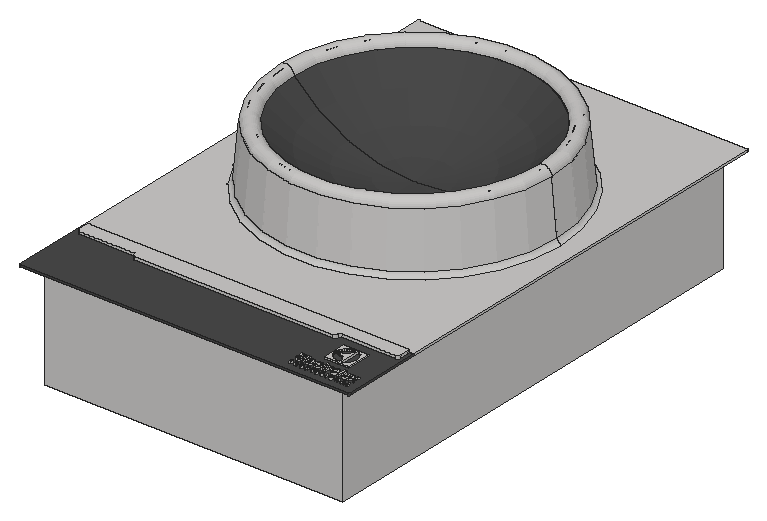
Revit family "QF_ELECTROLUXPROFESSIONAL_600904_E1HCEDOMCU", category Specialty Equipment, Revit 2018 (continued)
Definition of nested family "ELX_Logo_Professional"
  Forms (mm)
    Extrusion 2, solid
      sketch origin (-144.622, -1081.55, 0) x (-1, 0, 0) y (0, -1, 0)
        loop
          arc (-144.633, -1086.183) -> (-145.985, -1086.264) -> (-147.323, -1086.473) r 14.39
        loop
          line (-111.329, -1069.559) -> (-111.329, -1071.073) -> (-116.048, -1071.073) -> (-116.048, -1072.896) -> (-111.328, -1072.896) -> (-111.328, -1075.549) -> (-116.349, -1075.549) -> (-116.349, -1077.368) -> (-109.396, -1077.368) -> (-109.396, -1073.46) -> (-109.396, -1069.659)
          arc (-109.396, -1069.659) -> (-110.425, -1067.175) -> (-112.909, -1066.146) r 3.513
          line (-112.909, -1066.146) -> (-116.483, -1066.146) -> (-116.483, -1067.963) -> (-112.925, -1067.963)
          arc (-112.925, -1067.963) -> (-111.797, -1068.431) -> (-111.329, -1069.559) r 1.596
        loop
          line (-119.79, -1077.358) -> (-117.856, -1077.358) -> (-117.856, -1072.053) -> (-117.856, -1066.132) -> (-119.79, -1066.132) -> (-119.79, -1072.092) -> (-119.79, -1077.358)
        loop
          line (-122.986, -1069.718) -> (-129.327, -1069.718)
          arc (-129.327, -1069.718) -> (-129.219, -1071.449) -> (-128.497, -1073.026) r 4.757
          arc (-128.497, -1073.026) -> (-125.237, -1074.5) -> (-121.978, -1073.026) r 4.34
          arc (-121.978, -1073.026) -> (-121.072, -1070.207) -> (-121.978, -1067.388) r 4.838
          arc (-121.978, -1067.388) -> (-125.393, -1065.933) -> (-128.809, -1067.388) r 4.737
          line (-128.809, -1067.388) -> (-127.645, -1068.52)
          arc (-127.645, -1068.52) -> (-125.509, -1067.576) -> (-123.374, -1068.52) r 2.888
          arc (-123.374, -1068.52) -> (-123.05, -1069.077) -> (-122.986, -1069.718) r 1.527
        loop
          arc (-127.386, -1071.076) -> (-126.67, -1072.331) -> (-125.331, -1072.872) r 2.201
          arc (-125.331, -1072.872) -> (-123.848, -1072.402) -> (-123.033, -1071.076) r 2.23
          line (-123.033, -1071.076) -> (-127.386, -1071.076)
        loop
          line (-136.862, -1071.886) -> (-138.059, -1073.132)
          arc (-138.059, -1073.132) -> (-130.327, -1070.219) -> (-138.059, -1067.306) r 4.415
          line (-138.059, -1067.306) -> (-136.862, -1068.553)
          arc (-136.862, -1068.553) -> (-132.252, -1070.22) -> (-136.862, -1071.886) r 2.606
        loop
          line (-141.192, -1069.673) -> (-141.192, -1072.494) -> (-142.951, -1072.494) -> (-142.951, -1074.25) -> (-141.195, -1074.25) -> (-141.195, -1077.358) -> (-139.262, -1077.358) -> (-139.262, -1073.332) -> (-139.262, -1069.514)
          arc (-139.262, -1069.514) -> (-140.299, -1066.92) -> (-142.98, -1066.132) r 3.196
          line (-142.98, -1066.132) -> (-142.987, -1067.949)
          arc (-142.987, -1067.949) -> (-141.652, -1068.356) -> (-141.192, -1069.673) r 1.542
        loop
          line (-146.494, -1073.042) -> (-146.494, -1074.25) -> (-144.576, -1074.25) -> (-144.576, -1070.271) -> (-144.576, -1066.132) -> (-146.494, -1066.132) -> (-146.494, -1070.401)
          arc (-146.494, -1070.401) -> (-147.446, -1072.228) -> (-149.489, -1072.494) r 2.229
          line (-149.489, -1072.494) -> (-149.489, -1074.362)
          arc (-149.489, -1074.362) -> (-147.761, -1074.226) -> (-146.494, -1073.042) r 2.627
        loop
          line (-159.833, -1072.246) -> (-159.833, -1066.131) -> (-161.767, -1066.131) -> (-161.767, -1072.17) -> (-161.767, -1077.359) -> (-159.833, -1077.359) -> (-159.833, -1072.246)
        loop
          line (-165.194, -1069.514) -> (-165.194, -1074.25) -> (-163.245, -1074.25) -> (-163.245, -1071.898) -> (-163.245, -1069.098)
          arc (-163.245, -1069.098) -> (-166.96, -1065.769) -> (-170.687, -1069.085) r 3.745
          line (-170.687, -1069.085) -> (-170.687, -1071.898) -> (-170.687, -1074.25) -> (-168.739, -1074.25) -> (-168.739, -1069.514)
          arc (-168.739, -1069.514) -> (-166.967, -1067.742) -> (-165.194, -1069.514) r 1.772
        loop
          line (-174.654, -1070.416) -> (-172.975, -1068.078) -> (-171.578, -1066.131) -> (-173.656, -1066.131) -> (-175.717, -1068.999) -> (-177.779, -1066.131) -> (-179.857, -1066.131) -> (-178, -1068.728) -> (-176.781, -1070.433) -> (-178.29, -1072.488) -> (-179.583, -1074.25) -> (-177.473, -1074.25) -> (-175.717, -1071.818) -> (-173.945, -1074.25) -> (-171.852, -1074.25) -> (-173.052, -1072.608) -> (-174.654, -1070.416)
        loop
          circle (-154.223, -1070.188) r 2.508
        loop
          circle (-154.223, -1070.188) r 4.42
        loop
          line (-110.224, -1058.542) -> (-111.194, -1058.542)
          arc (-111.194, -1058.542) -> (-112.217, -1059.95) -> (-110.924, -1061.114) r 1.3
          line (-110.924, -1061.114) -> (-109.424, -1061.114) -> (-109.424, -1057.223) -> (-110.224, -1057.223) -> (-110.224, -1058.542)
        loop
          line (-110.224, -1060.379) -> (-110.224, -1059.293) -> (-111.03, -1059.293)
          arc (-111.03, -1059.293) -> (-111.43, -1059.836) -> (-111.03, -1060.379) r 0.569
          line (-111.03, -1060.379) -> (-110.224, -1060.379)
        loop
          line (-116.302, -1058.564) -> (-117.128, -1058.564) -> (-117.934, -1057.223) -> (-118.841, -1057.223) -> (-117.833, -1058.884)
          arc (-117.833, -1058.884) -> (-118.214, -1060.282) -> (-117.028, -1061.114) r 1.26
          line (-117.028, -1061.114) -> (-115.503, -1061.114) -> (-115.503, -1057.223) -> (-116.302, -1057.223) -> (-116.302, -1058.564)
        loop
          line (-116.302, -1060.379) -> (-116.302, -1059.293) -> (-117.109, -1059.293)
          arc (-117.109, -1059.293) -> (-117.508, -1059.836) -> (-117.109, -1060.379) r 0.569
          line (-117.109, -1060.379) -> (-116.302, -1060.379)
        loop
          line (-128.923, -1057.223) -> (-129.723, -1057.223) -> (-129.723, -1058.714) -> (-131.187, -1058.714) -> (-131.187, -1059.514) -> (-129.723, -1059.514) -> (-129.723, -1060.314) -> (-131.327, -1060.314) -> (-131.327, -1061.114) -> (-128.923, -1061.114) -> (-128.923, -1057.223)
        loop
          arc (-134.628, -1058.469) -> (-134.992, -1057.588) -> (-135.874, -1057.223) r 1.246
          line (-135.874, -1057.223) -> (-137.13, -1057.223) -> (-137.13, -1058.023) -> (-135.969, -1058.023)
          arc (-135.969, -1058.023) -> (-135.53, -1058.237) -> (-135.427, -1058.714) r 0.558
          line (-135.427, -1058.714) -> (-136.984, -1058.714) -> (-136.984, -1059.514) -> (-135.427, -1059.514) -> (-135.427, -1060.314) -> (-137.092, -1060.314) -> (-137.092, -1061.114) -> (-134.628, -1061.114) -> (-134.628, -1058.469)
        loop
          line (-152.3, -1057.223) -> (-153.1, -1057.223) -> (-153.1, -1061.114) -> (-152.3, -1061.114) -> (-152.3, -1057.223)
        loop
          line (-164.67, -1057.223) -> (-164.67, -1059.67) -> (-166.45, -1057.223) -> (-167.25, -1057.223) -> (-167.25, -1061.114) -> (-166.42, -1061.114) -> (-166.42, -1058.594) -> (-164.64, -1061.114) -> (-163.84, -1061.114) -> (-163.84, -1057.223) -> (-164.67, -1057.223)
        loop
          line (-170.403, -1057.223) -> (-171.262, -1057.223) -> (-171.641, -1058.063) -> (-173.08, -1058.063) -> (-173.459, -1057.223) -> (-174.317, -1057.223) -> (-172.796, -1061.113) -> (-171.996, -1061.113) -> (-170.403, -1057.223)
        loop
          line (-177.493, -1057.223) -> (-179.789, -1057.223) -> (-179.789, -1058.023) -> (-178.293, -1058.023) -> (-178.293, -1061.114) -> (-177.493, -1061.114) -> (-177.493, -1057.223)
        loop
          line (-172.362, -1059.848) -> (-171.945, -1058.83) -> (-172.76, -1058.83) -> (-172.362, -1059.848)
        loop
          circle (-158.484, -1059.145) r 1.288
        loop
          circle (-158.484, -1059.145) r 2.065
        loop
          arc (-146.04, -1058.095) -> (-146.933, -1057.275) -> (-148.145, -1057.245) r 1.725
          arc (-148.145, -1057.245) -> (-148.965, -1058.02) -> (-148.68, -1059.111) r 1.107
          arc (-148.68, -1059.111) -> (-148.103, -1059.465) -> (-147.486, -1059.746) r 5.523
          arc (-147.486, -1059.746) -> (-147.147, -1060.262) -> (-147.708, -1060.52) r 0.407
          arc (-147.708, -1060.52) -> (-148.045, -1060.315) -> (-148.325, -1060.038) r 1.702
          line (-148.325, -1060.038) -> (-149.011, -1060.45)
          arc (-149.011, -1060.45) -> (-148.578, -1060.911) -> (-148.043, -1061.247) r 2.463
          arc (-148.043, -1061.247) -> (-146.373, -1060.466) -> (-147.42, -1058.949) r 1.207
          spline (-147.42, -1058.949) -> (-147.716, -1058.809) -> (-147.932, -1058.678) -> (-148.077, -1058.557) -> (-148.163, -1058.446) -> (-148.198, -1058.347) -> (-148.192, -1058.258) -> (-148.157, -1058.182) -> (-148.102, -1058.118) -> (-148.037, -1058.068) -> (-147.972, -1058.031) -> (-147.917, -1058.008) -> (-147.883, -1058)
          arc (-147.883, -1058) -> (-147.238, -1058.014) -> (-146.759, -1058.446) r 0.925
          line (-146.759, -1058.446) -> (-146.04, -1058.095)
        loop
          arc (-140.18, -1058.095) -> (-141.073, -1057.275) -> (-142.285, -1057.245) r 1.725
          arc (-142.285, -1057.245) -> (-143.106, -1058.02) -> (-142.821, -1059.111) r 1.107
          arc (-142.821, -1059.111) -> (-142.243, -1059.465) -> (-141.627, -1059.746) r 5.523
          arc (-141.627, -1059.746) -> (-141.287, -1060.262) -> (-141.849, -1060.52) r 0.407
          arc (-141.849, -1060.52) -> (-142.185, -1060.315) -> (-142.466, -1060.038) r 1.702
          line (-142.466, -1060.038) -> (-143.151, -1060.45)
          arc (-143.151, -1060.45) -> (-142.719, -1060.911) -> (-142.183, -1061.247) r 2.463
          arc (-142.183, -1061.247) -> (-140.513, -1060.466) -> (-141.56, -1058.949) r 1.207
          spline (-141.56, -1058.949) -> (-141.856, -1058.809) -> (-142.072, -1058.678) -> (-142.218, -1058.557) -> (-142.303, -1058.446) -> (-142.338, -1058.347) -> (-142.333, -1058.258) -> (-142.298, -1058.182) -> (-142.242, -1058.118) -> (-142.177, -1058.068) -> (-142.112, -1058.031) -> (-142.057, -1058.008) -> (-142.023, -1058)
          arc (-142.023, -1058) -> (-141.378, -1058.014) -> (-140.9, -1058.446) r 0.925
          line (-140.9, -1058.446) -> (-140.18, -1058.095)
        loop
          circle (-123.484, -1059.145) r 1.288
        loop
          circle (-123.484, -1059.145) r 2.065
      from 0 to 1.6
  Dimensions and locks
    aligned and locked: plane 2 to Extrusion 1
    aligned and locked: level to Extrusion 1
Types (2, lengths in mm): name | Volts | URL | Manufacturer | Phase | Model | Item Number | Description | Cycle
  (no name) | 0 V | "" | "" | 0 | "" | "" | "" | 0 Hz
  Standard | 220 V | "http://professional.electrolux.com" | "Electrolux Professional" | 1 | "E1HCEDOMCS" | "600880" | "PLUG-IN INDUCTION WOK, DROP-IN" | 60 Hz
